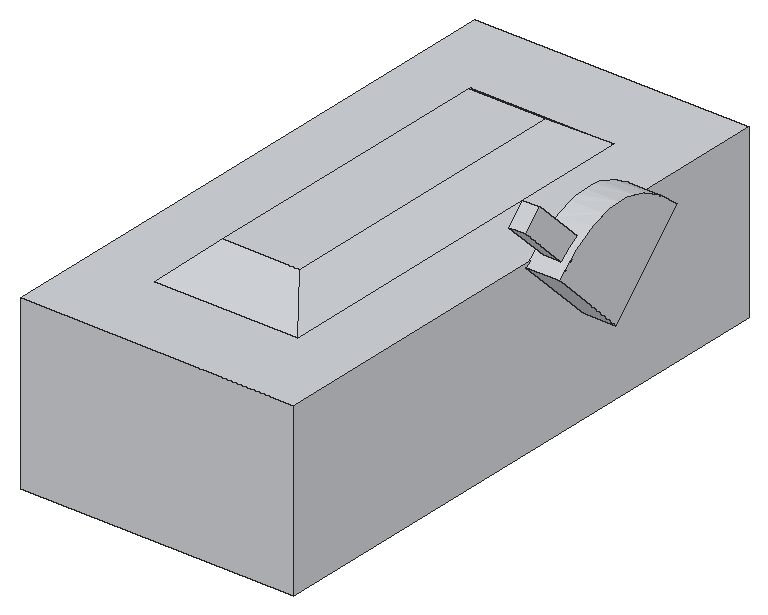
Revit family "Disconnect Switch", category Electrical Fixtures, host Face, Revit 2025
Family settings
  Host = Face
  Round Connector Dimension = Use Diameter
  Part Type = Normal
  Cut with Voids When Loaded = Yes
  Maintain Annotation Orientation = No
  Shared = No
  Room Calculation Point = No
Parameters
  Width = 10 1/4"
  Height = 21 1/4"
  Depth = 6.38"
  Default Elevation = 48"
Reference planes (in)
  plane 1 "Center (Front/Back)": y = 0
  plane 2: z = 0
  plane 3 "Center (Left/Right)": x = 0
  plane 4 "face": z = 6.38
  plane 5 "right": x = 5.125
  plane 6: x = 6.375
Forms (in)
  Extrusion 1, solid
    sketch origin (0, 0, 0) x (1, 0, 0) y (0, 1, 0)
      loop
        line (-5.125, 10.625) -> (-5.125, -10.625) -> (5.125, -10.625) -> (5.125, 10.625) -> (-5.125, 10.625)
    from 0 to 6.38
  Blend 2, solid
    base sketch origin (0, 0, 6.38) x (-1, 0, 0) y (0, -1, 0)
      loop
        line (2.67434, -7.39522) -> (2.67434, 7.39522) -> (-2.67434, 7.39522) -> (-2.67434, -7.39522) -> (2.67434, -7.39522)
    top sketch origin (0, 0, 6.38) x (-1, 0, 0) y (0, -1, 0)
      loop
        line (1.44746, -5.74104) -> (1.44746, 5.74104) -> (-1.44746, 5.74104) -> (-1.44746, -5.74104) -> (1.44746, -5.74104)
    from 0 to 1.12081
  Extrusion 3, solid
    sketch origin (5.125, 0, 0) x (0, 1, 0) y (0, 0, 1)
      loop
        line (0.21944, 6.22439) -> (2.87109, 3.57274) -> (5.69952, 6.40116)
        spline (5.69952, 6.40116) -> (5.2591, 6.80229) -> (4.81573, 7.12781) -> (4.3694, 7.37772) -> (3.92012, 7.55202) -> (3.46788, 7.65071) -> (3.01269, 7.67378) -> (2.55454, 7.62124) -> (2.09343, 7.49309) -> (1.62937, 7.28933) -> (1.16235, 7.00996) -> (0.69237, 6.65498) -> (0.21944, 6.22439)
    from 0 to 1.25
  Extrusion 4, solid
    sketch origin (5.125, 0, 0) x (0, 1, 0) y (0, 0, 1)
      loop
        line (2.35292, 4.89372) -> (2.98122, 5.52202) -> (-0.37753, 8.88078) -> (-1.00583, 8.25248) -> (2.35292, 4.89372)
    from 0.34908 to 0.98798
Cuts and joins
  joined: Extrusion 3, Extrusion 4
Dimensions and locks (in)
  equal spacing: Extrusion 1 sketch curve, plane 3 "Center (Left/Right)", Extrusion 1 sketch curve
  equal spacing: Extrusion 1 sketch curve, plane 1 "Center (Front/Back)", Extrusion 1 sketch curve
  "Height": Extrusion 1 sketch curve to Extrusion 1 sketch curve
  "Width": Extrusion 1 sketch curve to Extrusion 1 sketch curve
  "Depth": plane 4 "face" to plane 2
  equal spacing: Blend 2 sketch curve, plane 3 "Center (Left/Right)", Blend 2 sketch curve  (x2)
  equal spacing: Blend 2 sketch curve, plane 1 "Center (Front/Back)", Blend 2 sketch curve  (x2)
  Blend 2 sketch curve to Blend 2 sketch curve = 14.79043"
  Blend 2 sketch curve to Blend 2 sketch curve = 5.34868"
  aligned and locked: plane 2 to host face
  aligned and locked: level to host face
  aligned and locked: plane 4 "face" to Extrusion 1
  aligned and locked: plane 5 "right" to Extrusion 1
  aligned and locked: plane 6 to Extrusion 3
Automatic sketch dimensions
  host sketch curve to host sketch curve = 96"  (x2)
  plane 3 "Center (Left/Right)" to Blend 2 sketch curve = 1.44746"
  Blend 2 sketch curve to plane 1 "Center (Front/Back)" = 5.74104"
  Extrusion 3 sketch curve to plane 1 "Center (Front/Back)" = 0.21944"
  Extrusion 3 sketch curve to plane 1 "Center (Front/Back)" = 2 223/256"
  plane 4 "face" to Extrusion 3 sketch curve = 0.02116"
  Extrusion 3 sketch curve to Extrusion 3 sketch curve = 2.82843"
  Extrusion 3 sketch curve to plane 4 "face" = 0.15561"
  plane 1 "Center (Front/Back)" to Extrusion 4 sketch curve = 0.37753"
  Extrusion 4 sketch curve to plane 1 "Center (Front/Back)" = 2.35292"
  Extrusion 4 sketch curve to Extrusion 4 sketch curve = 0.6283"  (x2)
  Extrusion 4 sketch curve to plane 4 "face" = 0.85798"
